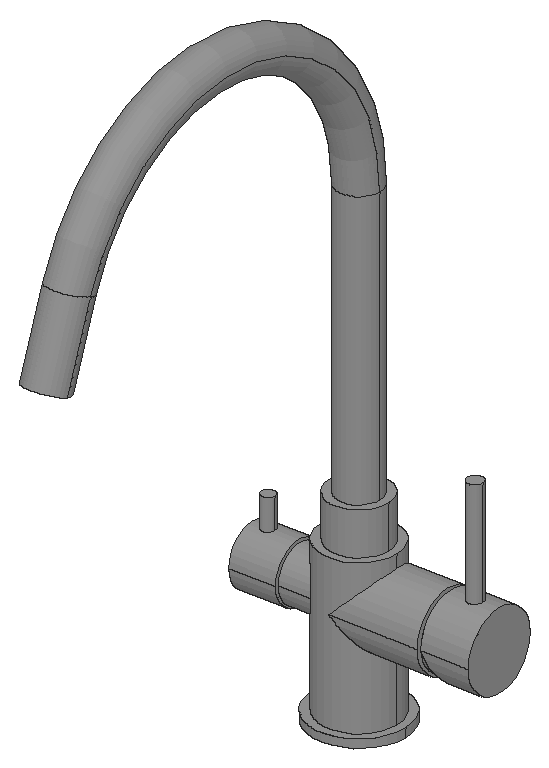
Revit family "Alma-KMFLBG21-Fleta 3 Way Filter Water Tap-Brass Gold", category Plumbing Fixtures, Revit 2022
Family settings
  Round Connector Dimension = Use Diameter
  Part Type = Normal
  OmniClass Number = 23.45.00.00
  OmniClass Title = Sanitary, Laundry, and Cleaning Equipment
  Work Plane-Based = No
  Always vertical = Yes
  Cut with Voids When Loaded = No
  Maintain Annotation Orientation = No
  Shared = No
  Room Calculation Point = No
Parameters (values of type "Fleta Brass Gold")
  URL = "https://www.buildmat.com.au/products/fleta-brushed-brass-gold-3-way-filter-water-tap"
  Tap Material = Alma Brass Gold
  Model = "KMFLBG21"  # constant formula
  Manufacturer = "BUILDMAT"  # constant formula
  Description = "Fleta 3 Way Filter Water Tap"  # constant formula
  Default Elevation = 0 mm
  Created = "22.12.2023"  # constant formula
  Brand = "Alma"  # constant formula
Reference planes
  plane 1 "Center (Front/Back)": y = 0
  plane 2 "Bottom": z = 0
  plane 3 "Center (Left/Right)": x = 0
  plane 4: y = -230
  plane 5 "Top": z = 405
  plane 6: z = 95
  plane 7: z = 275
  plane 8: z = 42.5
  plane 9: z = 150
  plane 10: x = 82.5
  plane 11: z = 120
  plane 12: x = -62.5
  plane 13: z = 100
Forms (mm)
  Extrusion 1, solid, material "Alma Brass Gold" <- "Tap Material"
    sketch origin (0, 0, 0) x (1, 0, 0) y (0, 1, 0)
      loop
        circle (0, 0) r 27.5
    from 0 to 5
  Extrusion 2, solid, material "Alma Brass Gold" <- "Tap Material"
    sketch origin (0, 0, 0) x (1, 0, 0) y (0, 1, 0)
      loop
        circle (0, 0) r 22.5
    from 5 to 95
  Sweep 3, solid, material "Alma Brass Gold" <- "Tap Material"
    path origin (0, 0, 0) x (0, 1, 0) y (0, 0, 1)
      loop
        line (0, 120) -> (0, 282.5)
        arc (0, 282.5) -> (-90.677, 390.789) -> (-213.211, 320.545) r 110
        line (-213.211, 320.545) -> (-230, 275)
    profile origin (0, 0, 201.25) x (0, -1, 0) y (1, 0, 0)
      loop
        circle (0, 0) r 12.5
  Extrusion 4, solid, material "Alma Brass Gold" <- "Tap Material"
    sketch origin (0, 0, -17.5) x (0, 1, 0) y (0, 0, 1)
      loop
        circle (0, 82.5) r 22.5
    from 0 to 52.5
  Extrusion 5, solid, material "Alma Brass Gold" <- "Tap Material"
    sketch origin (0, 0, -17.5) x (0, 1, 0) y (0, 0, 1)
      loop
        circle (0, 82.5) r 20.5
    from 52.5 to 82.5
  Extrusion 6, solid, material "Alma Brass Gold" <- "Tap Material"
    sketch origin (0, 0, -17.5) x (0, 1, 0) y (0, 0, 1)
      loop
        circle (0, 82.5) r 22.5
    from 54.5 to 82.5
  Extrusion 7, void
    sketch origin (0, 0, -17.5) x (1, 0, 0) y (0, 0, 1)
      loop
        line (54.5, 60) -> (64.5, 60) -> (54.5, 82.5) -> (54.5, 60)
    from -22.5 to 22.5
  Extrusion 8, solid, material "Alma Brass Gold" <- "Tap Material"
    sketch origin (0, 0, 0) x (1, 0, 0) y (0, 1, 0)
      loop
        circle (68.5, 0) r 4.5
    from 65 to 150
  Extrusion 9, solid, material "Alma Brass Gold" <- "Tap Material"
    sketch origin (0, 0, 0) x (1, 0, 0) y (0, 1, 0)
      loop
        circle (0, 0) r 17.5
    from 95 to 120
  Extrusion 10, solid, material "Alma Brass Gold" <- "Tap Material"
    sketch origin (0, 0, 0) x (0, 1, 0) y (0, 0, 1)
      loop
        circle (0, 65) r 16
    from 0 to -35
  Extrusion 11, solid, material "Alma Brass Gold" <- "Tap Material"
    sketch origin (0, 0, 0) x (0, 1, 0) y (0, 0, 1)
      loop
        circle (0, 65) r 17.5
    from -35 to -62.5
  Extrusion 12, solid, material "Alma Brass Gold" <- "Tap Material"
    sketch origin (-120, 0, 0) x (1, 0, 0) y (0, 1, 0)
      loop
        circle (66.5, 0) r 4
    from 65 to 100
Cuts and joins
  Extrusion 7 cuts Extrusion 6
  joined: Extrusion 1, Extrusion 2, Sweep 3, Extrusion 4, Extrusion 5, Extrusion 6, Extrusion 8, Extrusion 9, Extrusion 10, Extrusion 11, Extrusion 12
Lines and regions (mm)
  symbolic lines, style "Axis"
    curve 1: line (0, 0, 0) -> (0, 0, 282.5)
    curve 2: line (0, 0, 0) -> (0, 0, 435)
    curve 3: arc (0, -213.211, 320.545) -> (0, -90.677, 390.789) -> (0, 0, 282.5) r 110
    curve 4: line (0, -213.211, 320.545) -> (0, -230, 275)
Text (mm)
  text "Refer to www.buildmat.com.au for the most current product literature. \nAllow a +/- 5mm tolerance for dimensions shown in the product literature. \nPlease note product details are subject to change due to ongoing product development." at (0.056, -1035.857, 0), in view "Ref. Level"
Dimensions and locks
  plane 4 to plane 1 "Center (Front/Back)" = 230 mm
  plane 5 "Top" to plane 2 "Bottom" = 405 mm
  plane 11 to plane 6 to plane 2 "Bottom" = 25 mm, 95 mm
  plane 7 to plane 2 "Bottom" = 275 mm
  plane 9 to plane 8 to plane 2 "Bottom" = 107.5 mm, 42.5 mm
  plane 12 to plane 10 = 145 mm
  plane 13 to plane 8 = 57.5 mm
  aligned and locked: level to plane 2 "Bottom"
  aligned and locked: plane 6 to cut or joined group of Extrusion 1, Extrusion 2, Sweep 3, Extrusion 4, Extrusion 5, Extrusion 6, Extrusion 7, Extrusion 8, Extrusion 9, Extrusion 10, Extrusion 11, Extrusion 12
  aligned and locked: plane 11 to Sweep 3 sketch curve
  aligned and locked: plane 13 to Extrusion 12
